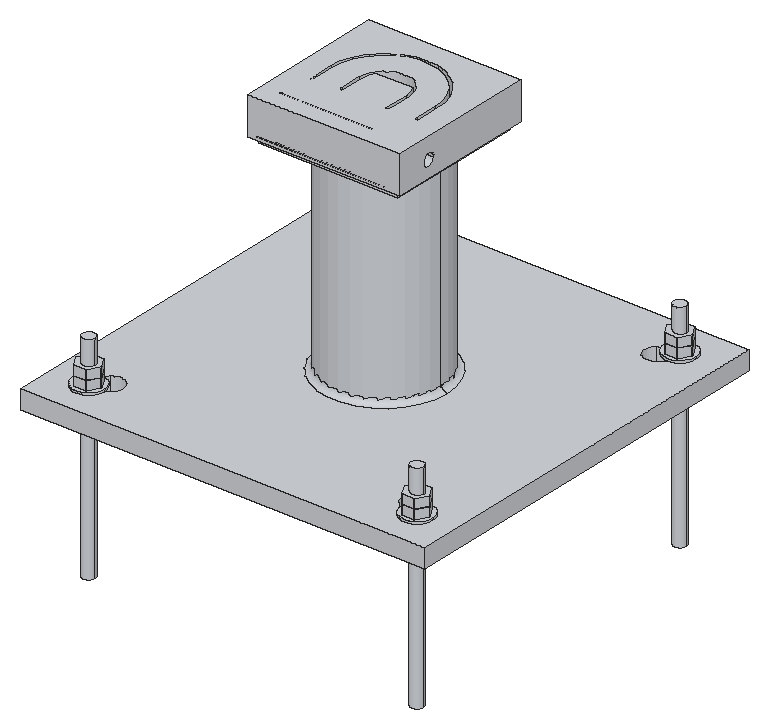
Revit family "Exterior-Building-Maintenance_FMSTBA_Epoxy_Lynn-Safety", category Generic Models, host Face, Revit 2026
Family settings
  Host = Face
  Can host rebar = No
  Round Connector Dimension = Use Diameter
  Part Type = Normal
  Cut with Voids When Loaded = No
  Maintain Annotation Orientation = No
  Shared = No
  Room Calculation Point = No
Parameters
  URL = "https://www.lynnsafety.com/"
  Specification = "https://www.arcat.com/company/lynn-safety-inc-49484/spec"
  Product Page URL = "https://www.arcat.com/arcatcos/cos49/arc49484.html"
  Model = "FMSTBA_Epoxy"
  Manufacturer = "Lynn Safety"
  Keynote = "11 81 23"
  Default Elevation = 4' - 0"
  Copyright = "ARCAT"
  CAD Details = "https://www.arcat.com/company/lynn-safety-inc-49484/cad"
Reference planes (in)
  plane 1 "Center (Front/Back)": y = 0
  plane 2: z = 0
  plane 3 "Center (Left/Right)": x = 0
  plane 4: x = 15
Forms (in)
  Extrusion 1, solid
    sketch origin (0, 0, 0) x (1, 0, 0) y (0, 1, 0)
      loop
        line (-3, 3) -> (-3, -3) -> (3, -3) -> (3, 3) -> (-3, 3)
    from 9.25 to 10.75
  Extrusion 2, solid
    sketch origin (0, 0, -7.25) x (1, 0, 0) y (0, 1, 0)
      loop
        line (-8, -8) -> (8, -8) -> (8, 8) -> (-8, 8) -> (-8, -8)
      loop
        arc (-6.35355, 5.64645) -> (-5.64645, 5.64645) -> (-5.64645, 6.35355) r 0.5
        line (-5.64645, 6.35355) -> (-6.14645, 6.85355)
        arc (-6.14645, 6.85355) -> (-6.85355, 6.85355) -> (-6.85355, 6.14645) r 0.5
        line (-6.85355, 6.14645) -> (-6.35355, 5.64645)
      loop
        arc (-5.64645, -6.35355) -> (-5.64645, -5.64645) -> (-6.35355, -5.64645) r 0.5
        line (-6.35355, -5.64645) -> (-6.85355, -6.14645)
        arc (-6.85355, -6.14645) -> (-6.85355, -6.85355) -> (-6.14645, -6.85355) r 0.5
        line (-6.14645, -6.85355) -> (-5.64645, -6.35355)
      loop
        arc (6.14645, -6.85355) -> (6.85355, -6.85355) -> (6.85355, -6.14645) r 0.5
        line (6.85355, -6.14645) -> (6.35355, -5.64645)
        arc (6.35355, -5.64645) -> (5.64645, -5.64645) -> (5.64645, -6.35355) r 0.5
        line (5.64645, -6.35355) -> (6.14645, -6.85355)
      loop
        line (6.35355, 5.64645) -> (6.85355, 6.14645)
        arc (6.85355, 6.14645) -> (6.85355, 6.85355) -> (6.14645, 6.85355) r 0.5
        line (6.14645, 6.85355) -> (5.64645, 6.35355)
        arc (5.64645, 6.35355) -> (5.64645, 5.64645) -> (6.35355, 5.64645) r 0.5
    from 7.25 to 8
  Extrusion 3, solid
    sketch origin (0, 0, 0) x (1, 0, 0) y (0, 1, 0)
      loop
        circle (-6.49805, -6.5) r 0.6232
      loop
        circle (-6.49805, -6.5) r 0.32921
      loop
        circle (6.49805, -6.5) r 0.6232
      loop
        circle (6.49805, -6.5) r 0.32921
      loop
        circle (-6.49805, 6.5) r 0.6232
      loop
        circle (-6.49805, 6.5) r 0.32921
      loop
        circle (6.49805, 6.5) r 0.6232
      loop
        circle (6.49805, 6.5) r 0.32921
    from 0.75 to 0.82812
  Extrusion 4, solid
    sketch origin (0, 0, 0) x (1, 0, 0) y (0, 1, 0)
      loop
        circle (0, 0) r 2.24703
    from 0.75 to 9.25
  Extrusion 5, solid
    sketch origin (0, 0, 0) x (1, 0, 0) y (0, 1, 0)
      loop
        line (-6.99422, -6.51675) -> (-6.76119, -6.92038) -> (-6.73346, -6.93638) -> (-6.26654, -6.93638) -> (-6.23881, -6.92038) -> (-6.00578, -6.51675) -> (-6.00578, -6.48325) -> (-6.23881, -6.07962) -> (-6.26654, -6.06362) -> (-6.73346, -6.06362) -> (-6.76119, -6.07962) -> (-6.99422, -6.48325) -> (-6.99422, -6.51675)
    from 0.82812 to 1.19562
  Extrusion 6, solid
    sketch origin (0, 0, 0.375) x (1, 0, 0) y (0, 1, 0)
      loop
        line (-6.99422, -6.51675) -> (-6.76119, -6.92038) -> (-6.73346, -6.93638) -> (-6.26654, -6.93638) -> (-6.23881, -6.92038) -> (-6.00578, -6.51675) -> (-6.00578, -6.48325) -> (-6.23881, -6.07962) -> (-6.26654, -6.06362) -> (-6.73346, -6.06362) -> (-6.76119, -6.07962) -> (-6.99422, -6.48325) -> (-6.99422, -6.51675)
    from 0.8327 to 1.20312
  Extrusion 7, solid
    sketch origin (0, 0, 0) x (1, 0, 0) y (0, 1, 0)
      loop
        circle (-6.49805, -6.5) r 0.25
      loop
        circle (6.49805, -6.5) r 0.25
      loop
        circle (-6.49805, 6.5) r 0.25
      loop
        circle (6.49805, 6.5) r 0.25
    from -6 to 2.5
  Extrusion 8, solid
    sketch origin (0, 0, 0) x (1, 0, 0) y (0, 1, 0)
      loop
        line (-6.99422, 6.51675) -> (-6.99422, 6.48325) -> (-6.76119, 6.07962) -> (-6.73346, 6.06362) -> (-6.26654, 6.06362) -> (-6.23881, 6.07962) -> (-6.00578, 6.48325) -> (-6.00578, 6.51675) -> (-6.23881, 6.92038) -> (-6.26654, 6.93638) -> (-6.73346, 6.93638) -> (-6.76119, 6.92038) -> (-6.99422, 6.51675)
    from 0.82812 to 1.19562
  Extrusion 9, solid
    sketch origin (0, 0, 0.375) x (1, 0, 0) y (0, 1, 0)
      loop
        line (-6.99422, 6.51675) -> (-6.99422, 6.48325) -> (-6.76119, 6.07962) -> (-6.73346, 6.06362) -> (-6.26654, 6.06362) -> (-6.23881, 6.07962) -> (-6.00578, 6.48325) -> (-6.00578, 6.51675) -> (-6.23881, 6.92038) -> (-6.26654, 6.93638) -> (-6.73346, 6.93638) -> (-6.76119, 6.92038) -> (-6.99422, 6.51675)
    from 0.8327 to 1.20312
  Extrusion 10, solid
    sketch origin (0, 0, 0) x (-1, 0, 0) y (0, -1, 0)
      loop
        line (-6.99422, 6.51675) -> (-6.99422, 6.48325) -> (-6.76119, 6.07962) -> (-6.73346, 6.06362) -> (-6.26654, 6.06362) -> (-6.23881, 6.07962) -> (-6.00578, 6.48325) -> (-6.00578, 6.51675) -> (-6.23881, 6.92038) -> (-6.26654, 6.93638) -> (-6.73346, 6.93638) -> (-6.76119, 6.92038) -> (-6.99422, 6.51675)
    from 0.82812 to 1.19562
  Extrusion 11, solid
    sketch origin (0, 0, 0.375) x (-1, 0, 0) y (0, -1, 0)
      loop
        line (-6.99422, 6.51675) -> (-6.99422, 6.48325) -> (-6.76119, 6.07962) -> (-6.73346, 6.06362) -> (-6.26654, 6.06362) -> (-6.23881, 6.07962) -> (-6.00578, 6.48325) -> (-6.00578, 6.51675) -> (-6.23881, 6.92038) -> (-6.26654, 6.93638) -> (-6.73346, 6.93638) -> (-6.76119, 6.92038) -> (-6.99422, 6.51675)
    from 0.8327 to 1.20312
  Extrusion 12, solid
    sketch origin (0, 0, 0) x (-1, 0, 0) y (0, -1, 0)
      loop
        line (-6.99422, -6.51675) -> (-6.76119, -6.92038) -> (-6.73346, -6.93638) -> (-6.26654, -6.93638) -> (-6.23881, -6.92038) -> (-6.00578, -6.51675) -> (-6.00578, -6.48325) -> (-6.23881, -6.07962) -> (-6.26654, -6.06362) -> (-6.73346, -6.06362) -> (-6.76119, -6.07962) -> (-6.99422, -6.48325) -> (-6.99422, -6.51675)
    from 0.82812 to 1.19562
  Extrusion 13, solid
    sketch origin (0, 0, 0.375) x (-1, 0, 0) y (0, -1, 0)
      loop
        line (-6.99422, -6.51675) -> (-6.76119, -6.92038) -> (-6.73346, -6.93638) -> (-6.26654, -6.93638) -> (-6.23881, -6.92038) -> (-6.00578, -6.51675) -> (-6.00578, -6.48325) -> (-6.23881, -6.07962) -> (-6.26654, -6.06362) -> (-6.73346, -6.06362) -> (-6.76119, -6.07962) -> (-6.99422, -6.48325) -> (-6.99422, -6.51675)
    from 0.8327 to 1.20312
  Extrusion 14, void
    sketch origin (0, 0, 0) x (1, 0, 0) y (0, 1, 0)
      loop
        arc (1, 0) -> (0, 1) -> (-1, 0) r 1
        line (-1, 0) -> (-1, -0.875)
        arc (-1, -0.875) -> (-0.96339, -0.96339) -> (-0.875, -1) r 0.125
        line (-0.875, -1) -> (-0.875, 0)
        arc (-0.875, 0) -> (-0.83485, 0.26202) -> (-0.71807, 0.5) r 0.875
        line (-0.71807, 0.5) -> (0.71807, 0.5)
        arc (0.71807, 0.5) -> (0.83485, 0.26202) -> (0.875, 0) r 0.875
        line (0.875, 0) -> (0.875, -1)
        arc (0.875, -1) -> (0.96339, -0.96339) -> (1, -0.875) r 0.125
        line (1, -0.875) -> (1, 0)
      loop
        line (2.125, -1) -> (2.125, 0)
        arc (2.125, 0) -> (0, 2.125) -> (-2.125, 0) r 2.125
        line (-2.125, 0) -> (-2.125, -1)
        arc (-2.125, -1) -> (-2.03661, -0.96339) -> (-2, -0.875) r 0.125
        line (-2, -0.875) -> (-2, 0)
        arc (-2, 0) -> (0, 2) -> (2, 0) r 2
        line (2, 0) -> (2, -0.875)
        arc (2, -0.875) -> (2.03661, -0.96339) -> (2.125, -1) r 0.125
    from 10.14867 to 11.01822
  Extrusion 15, void
    sketch origin (0, 0, 0) x (0, 1, 0) y (0, 0, 1)
      loop
        circle (-1.56018, 9.90837) r 0.25
    from -4.05599 to 3.39592
  Sweep 16, solid
    path in 3D
      loop
        arc (2.24703, 0, 0.75) -> (0, 2.24703, 0.75) -> (-2.24703, 0, 0.75) r 2.24703
        arc (-2.24703, 0, 0.75) -> (0, -2.24703, 0.75) -> (2.24703, 0, 0.75) r 2.24703
    profile origin (0, -2.24703, 0.75) x (0, -1, 0) y (0, 0, -1)
      loop
        arc (0, -0.25) -> (0.06789, -0.07961) -> (0.23313, 0) r 0.25276
        line (0.23313, 0) -> (0, 0) -> (0, -0.25)
  Sweep 17, solid
    path in 3D
      loop
        line (3, -3, 9.25) -> (-3, -3, 9.25) -> (-3, 3, 9.25) -> (3, 3, 9.25) -> (3, -3, 9.25)
    profile origin (3, 0, 9.25) x (-1, 0, 0) y (0, 0, -1)
      loop
        line (0.13884, 0.00077) -> (0.7543, 0.00077) -> (0.7543, 0.50077)
        arc (0.7543, 0.50077) -> (0.68587, 0.33535) -> (0.52851, 0.25) r 0.26781
        line (0.52851, 0.25) -> (0.25, 0.25) -> (0.25, 0.125)
        arc (0.25, 0.125) -> (0.21815, 0.04165) -> (0.13884, 0.00077) r 0.125
  Extrusion 18, solid
    sketch origin (0, 0, 0) x (1, 0, 0) y (0, 1, 0)
      loop
        line (-2.2457, 2.2457) -> (-2.2457, -2.2457) -> (2.2457, -2.2457) -> (2.2457, 2.2457) -> (-2.2457, 2.2457)
    from 8.74923 to 9.25
Cuts and joins
  Extrusion 14 cuts Extrusion 4
  Extrusion 14, Extrusion 15 cuts Extrusion 1
  Extrusion 14 cuts Extrusion 2
Lines and regions (in)
  sketch lines
    curve 1: arc (-2.24703, 0, 0.75) -> (0, -2.24703, 0.75) -> (2.24703, 0, 0.75) r 2.24703
    curve 2: arc (2.24703, 0, 0.75) -> (0, 2.24703, 0.75) -> (-2.24703, 0, 0.75) r 2.24703
    curve 3: line (3, 3, 9.25) -> (3, -3, 9.25)
    curve 4: line (-3, 3, 9.25) -> (3, 3, 9.25)
    curve 5: line (-3, -3, 9.25) -> (-3, 3, 9.25)
    curve 6: line (3, -3, 9.25) -> (-3, -3, 9.25)
Dimensions and locks (in)
  plane 3 "Center (Left/Right)" to plane 4 = 1' - 3"
  cut or joined group of Extrusion 1, Extrusion 14, Extrusion 15 to Extrusion 18 = 0' - 5.2457"
  aligned and locked: plane 2 to host face
  aligned and locked: level to host face
